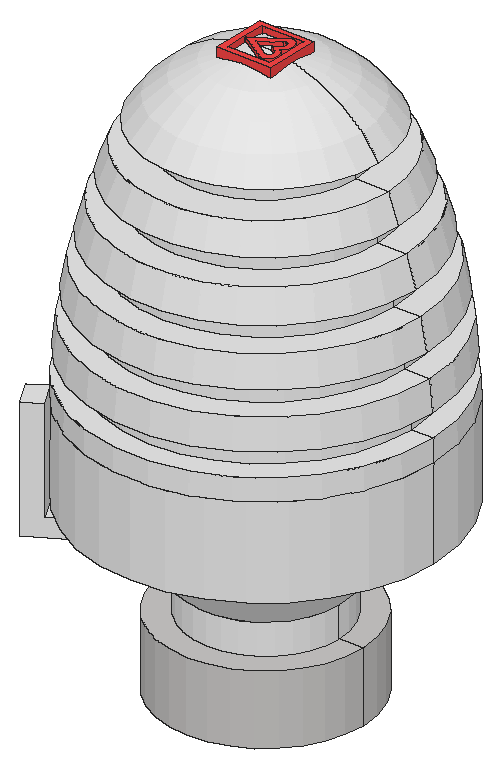
Revit family "HERZ-Design-Thermostatic Sensor M28x1.5 9230", category Rohrzubehör, Revit 2020
Family settings
  Bemaßung runder Anschluss = Durchmesser verwenden
  Teiletyp = Normal
  OmniClass-Nummer = 23.65.55.14
  OmniClass-Titel = Valves for Liquid Services
  Arbeitsebenenbasiert = Nein
  Immer vertikal = Nein
  Beim Laden mit Abzugskörper schneiden = Nein
  Gemeinsam genutzt = Nein
Parameters
  Vorgabe-Ansicht = 0.000 mm
  URL = "www.herzvalves.com"
  Part number = 1923006  # constant formula
  Operation = "The HERZ thermostat serves as a room temperature sensing and control unit.\r\nThe change in volume of the liquid contained in the hydrosensor actuates the valve spindle."
  Model = "Radiator Thermostat With Hydrosensor (liquid filled)\r\nWith shutoff (0) postion, adjustable frost release, limitation and locking of selected temperature range, handwheel white."
  Frost protection setpoint range = "6-30°C"  # constant formula
  Set value range = "0-30°C"  # constant formula
  S02 = 60.000 mm  # constant formula
  S01 = 90.000 mm  # constant formula
  Hersteller = "HERZ Armaturen Ges.m.b.H."  # constant formula
  Hand wheel = "plastic, white"  # constant formula
  Frost protection = 6 °C  # constant formula
  Application = "Suitable for mounting on all HERZ thermostatic valves."
Reference planes
  plane 1 "Mitte (Vorne/hinten)": y = 0
  plane 2: z = 0
  plane 3 "Mitte (Links/rechts)": x = 0
Forms (mm)
  Revolve 1, solid, material "Kunststoff weiß", detail levels fine
    sketch origin (0, 0, 0) x (1, 0, 0) y (0, 0, 1)
      loop
        line (0, 0) -> (0, 90)
        arc (0, 90) -> (-10.767, 87.197) -> (-18.8, 79.5) r 22.08
        arc (-18.8, 79.5) -> (-25.672, 59.356) -> (-28, 38.2) r 97.301
        line (-28, 38.2) -> (-28, 23.2) -> (-23.25, 23.2) -> (-23.25, 20.5) -> (-20.4, 20.5) -> (-20.4, 19.7) -> (-12.2, 11.5) -> (-12.2, 4.8) -> (-13.2, 4.8) -> (-13.2, 0) -> (0, 0)
      axis (0, 90) -> (0, 0)
    angle from 0 to 360
  Extrusion 2, solid, material "Kunststoff weiß", detail levels fine
    sketch origin (0, 0, 0) x (0.866025, 0.5, 0) y (0, 0, 1)
      loop
        line (-28.5, 36.04) -> (-31.75, 36.04) -> (-31.75, 16.2) -> (-20.85, 16.2) -> (-20.85, 20.5) -> (-23.25, 20.5) -> (-23.25, 21.5) -> (-24.578, 19.2) -> (-28.5, 19.2) -> (-28.5, 36.04)
    from 2.5 to -2.5
  Extrusion 3, solid, material "Kunststoff weiß", detail levels fine
    sketch origin (0, 0, 0) x (0, 1, 0) y (0, 0, 1)
      loop
        arc (0.75, 19.2) -> (1.987, 19.713) -> (2.5, 20.95) r 1.75
        line (2.5, 20.95) -> (2.5, 32.2) -> (-2.5, 32.2) -> (-2.5, 20.95)
        arc (-2.5, 20.95) -> (-1.987, 19.713) -> (-0.75, 19.2) r 1.75
        line (-0.75, 19.2) -> (0.75, 19.2)
    from 0 to -31.5
  Revolve 4, solid, material "Messing verzinkt", detail levels fine
    sketch origin (0, 0, 0) x (1, 0, 0) y (0, 0, 1)
      loop
        line (0, 0) -> (0, 6.5) -> (-16.25, 6.5) -> (-16.25, -5) -> (-14, -5) -> (-14, 0) -> (0, 0)
      axis (0, 6.5) -> (0, -5)
    angle from 0 to 360
  Revolve 5, void
    sketch origin (0, 0, 0) x (1, 0, 0) y (0, 0, 1)
      loop
        arc (-18.8, 79.5) -> (-19.64, 77.659) -> (-20.442, 75.8) r 97.301
        line (-20.442, 75.8) -> (-14.951, 75.8) -> (-14.951, 79.5) -> (-18.8, 79.5)
      loop
        line (-27.933, 41.8) -> (-24.226, 41.8) -> (-24.226, 45.5) -> (-27.726, 45.5)
        arc (-27.726, 45.5) -> (-27.847, 43.651) -> (-27.933, 41.8) r 97.301
      loop
        arc (-22.197, 71.3) -> (-22.843, 69.456) -> (-23.452, 67.6) r 97.301
        line (-23.452, 67.6) -> (-18.697, 67.6) -> (-18.697, 71.3) -> (-22.197, 71.3)
      loop
        arc (-24.865, 62.7) -> (-25.326, 60.854) -> (-25.751, 59) r 97.301
        line (-25.751, 59) -> (-21.365, 59) -> (-21.365, 62.7) -> (-24.865, 62.7)
      loop
        arc (-26.692, 54.1) -> (-26.98, 52.253) -> (-27.232, 50.4) r 97.301
        line (-27.232, 50.4) -> (-23.192, 50.4) -> (-23.192, 54.1) -> (-26.692, 54.1)
      axis (0, 79.5) -> (0, 41.8)
    angle from 0 to 360
Cuts and joins
  Revolve 5 cuts Revolve 1
Lines and regions (mm)
  model lines, detail levels coarse+medium
    curve 1: line (0, 0, 0) -> (0, 0, 30)
    curve 2: line (0, 0, 0) -> (30, 0, 0)
    curve 3: circle (0, 0, 60) r 30 normal (0, -1, 0)
    curve 4: circle (0, 0, 60) r 30 normal (1, 0, 0)
    curve 5: line (0, 0, 40) -> (0, 0, 80)
    curve 6: line (0, 17.5, 80) -> (0, -17.5, 80)
    curve 7: line (0, 0, 40) -> (0, 0, 80)
    curve 8: line (-17.5, 0, 80) -> (17.5, 0, 80)
    curve 9: circle (60, 0, 0) r 30 normal (0, 0, 1)
    curve 10: line (40, 0, 0) -> (80, 0, 0)
    curve 11: line (80, 17.5, 0) -> (80, -17.5, 0)
Dimensions and locks
  nested 1 to plane 2 = 89.000 mm
  "S01": curve 4 to plane 2
  "S01": curve 3 to plane 2
  "S01": plane 3 "Mitte (Links/rechts)" to curve 9
  "S02": diameter of curve 3
  "S02": diameter of curve 4
  "S02": diameter of curve 9
  aligned and locked: level to plane 2
Automatic sketch dimensions
  Revolve 1 sketch curve to level = 0.000 mm
  Revolve 1 sketch curve to plane 3 "Mitte (Links/rechts)" = 0.000 mm  (x2)
  Revolve 1 sketch curve to plane 3 "Mitte (Links/rechts)" = 12.200 mm
  Revolve 1 sketch curve to Revolve 1 sketch curve = 1.000 mm
  Revolve 1 sketch curve to Revolve 1 sketch curve = 8.200 mm  (x2)
  Revolve 1 sketch curve to Revolve 1 sketch curve = 2.850 mm
  Revolve 1 sketch curve to Revolve 1 sketch curve = 4.750 mm
  plane 3 "Mitte (Links/rechts)" to Revolve 1 sketch curve = 69.301 mm
  level to Revolve 1 sketch curve = 4.800 mm
  Revolve 1 sketch curve to Revolve 1 sketch curve = 6.700 mm
  Revolve 1 sketch curve to Revolve 1 sketch curve = 0.800 mm
  Revolve 1 sketch curve to Revolve 1 sketch curve = 2.700 mm
  Revolve 1 sketch curve to Revolve 1 sketch curve = 15.000 mm
  Revolve 1 sketch curve to Revolve 1 sketch curve = 29.720 mm
  Revolve 1 sketch curve to Revolve 1 sketch curve = 22.080 mm
  Revolve 1 sketch curve to level = 366.045 mm
  Revolve 1 sketch curve to Revolve 1 sketch curve = 0.000 mm
  level to Extrusion 2 sketch curve = 36.040 mm
  Extrusion 2 sketch curve to Extrusion 2 sketch curve = 3.250 mm
  Extrusion 2 sketch curve to Extrusion 2 sketch curve = 3.922 mm
  level to Extrusion 2 sketch curve = 21.500 mm
  Extrusion 2 sketch curve to Extrusion 2 sketch curve = 1.328 mm
  Extrusion 2 sketch curve to Extrusion 2 sketch curve = 3.728 mm
  Extrusion 2 sketch curve to Extrusion 2 sketch curve = 1.000 mm
  Extrusion 2 sketch curve to Extrusion 2 sketch curve = 1.300 mm
  Extrusion 2 sketch curve to Extrusion 2 sketch curve = 3.000 mm
  plane 1 "Mitte (Vorne/hinten)" to Extrusion 3 sketch curve = 2.500 mm
  plane 1 "Mitte (Vorne/hinten)" to Extrusion 3 sketch curve = 0.750 mm
  Extrusion 3 sketch curve to plane 1 "Mitte (Vorne/hinten)" = 0.750 mm
  Extrusion 3 sketch curve to plane 1 "Mitte (Vorne/hinten)" = 2.500 mm
  level to Extrusion 3 sketch curve = 19.200 mm
  Extrusion 3 sketch curve to Extrusion 3 sketch curve = 11.250 mm
  Revolve 4 sketch curve to level = 0.000 mm
  Revolve 4 sketch curve to plane 3 "Mitte (Links/rechts)" = 0.000 mm  (x2)
  Revolve 4 sketch curve to level = 5.000 mm
  Revolve 4 sketch curve to plane 3 "Mitte (Links/rechts)" = 14.000 mm
  Revolve 4 sketch curve to Revolve 4 sketch curve = 2.250 mm
  level to Revolve 4 sketch curve = 6.500 mm
  Revolve 4 sketch curve to Revolve 4 sketch curve = 361.045 mm
  Revolve 4 sketch curve to Revolve 4 sketch curve = 2207.815 mm
  Revolve 5 sketch curve to Revolve 5 sketch curve = 0.000 mm  (x20)
  Revolve 5 sketch curve to plane 3 "Mitte (Links/rechts)" = 0.000 mm
  Revolve 5 sketch curve to plane 3 "Mitte (Links/rechts)" = 14.951 mm
  Revolve 5 sketch curve to Revolve 5 sketch curve = 3.746 mm
  Revolve 5 sketch curve to Revolve 5 sketch curve = 3.849 mm
  Revolve 5 sketch curve to Revolve 5 sketch curve = 1.642 mm
  Revolve 5 sketch curve to Revolve 5 sketch curve = 2.668 mm
  Revolve 5 sketch curve to Revolve 5 sketch curve = 3.500 mm  (x4)
  Revolve 5 sketch curve to Revolve 5 sketch curve = 1.827 mm
  Revolve 5 sketch curve to Revolve 5 sketch curve = 1.255 mm
  Revolve 5 sketch curve to Revolve 5 sketch curve = 1.034 mm
  Revolve 5 sketch curve to Revolve 5 sketch curve = 0.886 mm
  Revolve 5 sketch curve to Revolve 5 sketch curve = 0.540 mm
  Revolve 5 sketch curve to Revolve 5 sketch curve = 0.208 mm
  level to Revolve 5 sketch curve = 38.200 mm
  plane 3 "Mitte (Links/rechts)" to Revolve 5 sketch curve = 69.301 mm
  level to Revolve 5 sketch curve = 41.800 mm
  Revolve 5 sketch curve to Revolve 5 sketch curve = 4.900 mm  (x3)
  Revolve 5 sketch curve to Revolve 5 sketch curve = 4.500 mm
  Revolve 5 sketch curve to level = 366.045 mm
  Revolve 5 sketch curve to Revolve 5 sketch curve = 2134.815 mm
  curve 5 to plane 1 "Mitte (Vorne/hinten)" = 0.000 mm
  curve 4 to plane 1 "Mitte (Vorne/hinten)" = 0.000 mm
  plane 1 "Mitte (Vorne/hinten)" to curve 6 = 17.500 mm
  curve 5 to curve 6 = 17.500 mm
  curve 5 to curve 4 = 20.000 mm
  curve 4 to curve 6 = 20.000 mm
  curve 3 to plane 3 "Mitte (Links/rechts)" = 0.000 mm
  curve 7 to plane 3 "Mitte (Links/rechts)" = 0.000 mm
  curve 1 to plane 3 "Mitte (Links/rechts)" = 0.000 mm
  curve 1 to level = 0.000 mm
  curve 8 to curve 7 = 17.500 mm
  plane 3 "Mitte (Links/rechts)" to curve 8 = 17.500 mm
  curve 1 to curve 7 = 10.000 mm
  curve 3 to curve 8 = 20.000 mm
  plane 1 "Mitte (Vorne/hinten)" to curve 2 = 0.000 mm
  curve 2 to plane 3 "Mitte (Links/rechts)" = 0.000 mm
  plane 1 "Mitte (Vorne/hinten)" to curve 10 = 0.000 mm
  plane 1 "Mitte (Vorne/hinten)" to curve 9 = 0.000 mm
  curve 2 to curve 10 = 10.000 mm
  curve 9 to curve 11 = 20.000 mm
  curve 11 to curve 10 = 17.500 mm
  curve 11 to plane 1 "Mitte (Vorne/hinten)" = 17.500 mm
Nested families
  nested 1: "Herz-Logo" at (0, 0, 89) x (0, -1, 0) z (0, 0, 1), type "Herz-Logo", detail levels fine
Definition of nested family "Herz-Logo"
  Parameters (values of type "Herz-Logo")
    Default Elevation = 0.000 mm
  Reference planes
    plane 1 "Mitte (Vorne/hinten)": y = 0
    plane 2: z = 0
    plane 3 "Mitte (Links/rechts)": x = 0
  Forms (mm)
    Extrusion 1, solid
      sketch origin (0, 0, 0) x (1, 0, 0) y (0, 1, 0)
        loop
          line (-0.018, -4.517) -> (4.482, -4.517) -> (4.482, 4.483) -> (-4.518, 4.483) -> (-4.518, -4.517) -> (-0.018, -4.517)
        loop
          line (-0.05, -3.48) -> (3.482, -3.48) -> (3.482, 3.483) -> (-3.518, 3.483) -> (-3.518, -3.48) -> (-0.05, -3.48)
        loop
          arc (-0.018, 2.383) -> (-1.543, 3.287) -> (-3.067, 2.383) r 1.738
          arc (-3.067, 2.383) -> (-3.191, 1.899) -> (-3.067, 1.415) r 1.009
          line (-3.067, 1.415) -> (-0.018, -3.281) -> (3.032, 1.415)
          arc (3.032, 1.415) -> (3.156, 1.899) -> (3.032, 2.383) r 1.009
          arc (3.032, 2.383) -> (1.507, 3.287) -> (-0.018, 2.383) r 1.738
        loop
          arc (1.885, 1.272) -> (2.005, 1.675) -> (1.885, 2.079) r 0.74
          arc (1.885, 2.079) -> (1.265, 2.416) -> (0.644, 2.079) r 0.74
          line (0.644, 2.079) -> (-0.018, 0.97) -> (-0.679, 2.079)
          arc (-0.679, 2.079) -> (-1.3, 2.416) -> (-1.921, 2.079) r 0.74
          arc (-1.921, 2.079) -> (-2.04, 1.675) -> (-1.921, 1.272) r 0.74
          line (-1.921, 1.272) -> (-0.018, -1.658) -> (1.885, 1.272)
      from 0 to 1.5
  Dimensions and locks
    aligned and locked: level to plane 2
